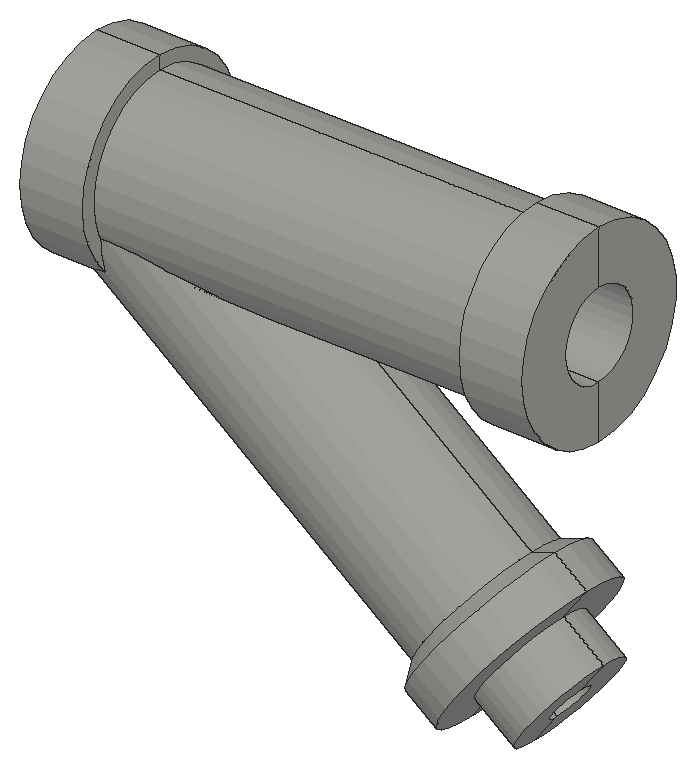
Revit family "Wye_Pattern_Strainers-Backflow_Preventor-WATTS-88CSI", category Pipe Accessories, Revit 2014
Parameters (values of type "88CSI  - 0.5"")
  Width = 1 1/8"
  Weight = "2/0.9 (LB/KG)"
  Waste Connection = no
  Warranty Information = "1 Year Limited Warranty"  # constant formula
  Vent Connection = no
  URL = "http://www.watts.com/"
  Region = "North America"  # constant formula
  Product Page URL = "http://www.watts.com/pages/_products_details.asp?pid=831"
  Product Documentation Link = "http://media.wattswater.com/es-88csi.pdf"
  Price = "Prices may vary. Please consult Manufacturer Representative for most up-to-date price list."  # constant formula
  Nominal Width = 29/32"
  Nominal Radius 2 = 19/32"
  Nominal Length 2 = 1 29/256"
  Nominal Length = 163/256"
  Nominal Height = 19/32"
  Nominal Depth = 5/16"
  NPT Radius = 1/8"
  NPT Diameter = NPT Radius * 2  # 1/4"
  Model = "77SI"  # constant formula
  Max. Working Pressure = "600psi (41.4 bar) at 489°F (254°C) WSP 1480psi (102.0 bar) at 100°F (38°C) WOG"  # constant formula
  Material = "Metal-WATTS-Class 600-Cast Steel"  # constant formula
  Manufacturer Product Line = "Strainers"  # constant formula
  Manufacturer = "WATTS"  # constant formula
  HW Connection = no
  Finish = Metal-WATTS-Class 600-Cast Steel
  Description = "Cast Iron, Wye-Pattern Strainers"  # constant formula
  Creation Date = "08/01/2018"  # constant formula
  Country = "United States"  # constant formula
  Connection Size = Connection Radius * 2  # 1/2"
  Connection Radius = 1/4"
  Connection Outlet Description = "1/2\" NPT Flanged Outlet"
  Connection Inlet Description = "1/2\" NPT Flanged Inlet"
  CW Connection = yes
  B = 2 1/4"
  Assembly Code = "F1050"
  A = 2 15/16"
Types (7): name | Width | Weight | Nominal Width | Nominal Radius 2 | Nominal Length 2 | Nominal Length | Nominal Height | Nominal Depth | NPT Radius | NPT Diameter | Connection Size | Connection Radius | Connection Outlet Description | Connection Inlet Description | B | A
  (no name) | 1 1/8" | "2/0.9 (LB/KG)" | 29/32" | 19/32" | 1 29/256" | 163/256" | 19/32" | 5/16" | 1/8" | 1/4" | 1/2" | 1/4" | "1/2\" NPT Flanged Outlet" | "1/2\" NPT Flanged Inlet" | 2 1/4" | 2 15/16"
  88CSI  - 0.5" | 1 1/8" | "2/0.9 (LB/KG)" | 29/32" | 19/32" | 1 29/256" | 163/256" | 19/32" | 5/16" | 1/8" | 1/4" | 1/2" | 1/4" | "1/2\" NPT Flanged Outlet" | "1/2\" NPT Flanged Inlet" | 2 1/4" | 2 15/16"
  88CSI  - 0.75" | 1 1/8" | "3/1.3 (LB/KG)" | 1" | 83/128" | 1 9/32" | 185/256" | 21/32" | 5/16" | 3/16" | 3/8" | 3/4" | 3/8" | "3/4\" NPT Flanged Outlet" | "3/4\" NPT Flanged Inlet" | 2 9/16" | 3 7/16"
  88CSI  - 1" | 1 3/8" | "5/2.2 (LB/KG)" | 1 1/8" | 3/4" | 1 109/256" | 211/256" | 3/4" | 3/8" | 3/16" | 3/8" | 1" | 1/2" | "1\" NPT Flanged Outlet" | "1\" NPT Flanged Inlet" | 2 13/16" | 4 9/16"
  88CSI  - 1.25" | 1 5/8" | "7/3.1 (LB/KG)" | 1 1/2" | 253/256" | 1 7/8" | 1 1/8" | 1" | 3/8" | 3/8" | 3/4" | 1 1/4" | 5/8" | "1-1/4\" NPT Flanged Outlet" | "1-1/4\" NPT Flanged Inlet" | 3 1/16" | 4 15/16"
  88CSI  - 1.5" | 2" | "10/4.5 (LB/KG)" | 1 3/4" | 1 1/8" | 2 47/256" | 1 83/256" | 1 1/8" | 1/2" | 3/8" | 3/4" | 1 1/2" | 3/4" | "1-1/2\" NPT Flanged Outlet" | "1-1/2\" NPT Flanged Inlet" | 3 5/16" | 5 9/16"
  88CSI  - 2" | 2 3/4" | "15/6.8 (LB/KG)" | 2 1/8" | 1 3/8" | 2 25/32" | 1 47/64" | 1 3/8" | 1/2" | 1/2" | 1" | 2" | 1" | "2\" NPT Flanged Outlet" | "2\" NPT Flanged Inlet" | 4 13/16" | 6 15/16"
Reference planes (in)
  plane 1 "Center (Front/Back)": y = 0
  plane 2: z = 0
  plane 3 "Center (Left/Right)": x = 0
  plane 4: x = -1.46875
  plane 5: x = 1.46875
  plane 6: z = 0.25
  plane 7: z = -0.25
  plane 8: z = 0.5625
  plane 9: z = -0.5625
  plane 10: x = 0.73438
  plane 11: x = 0.36719
  plane 12: x = 1.10156
  plane 13: x = 0.91797
  plane 14: x = -0.73437
  plane 15: x = -1.10156
  plane 16: x = -0.91797
  plane 17: z = 0.40625
  plane 18: x = -0.36719
  plane 19: z = -2.25
  plane 20: x = 0.73438
  plane 21: x = 0.36719
  plane 22: x = 1.10156
  plane 23: x = 0.55078
  plane 24: y = 0.5625
  plane 25: y = -0.5625
  plane 26: y = 0.25
  plane 27: y = -0.25
  plane 28: y = 0.40625
  plane 29: y = -0.40625
  plane 30: x = -1.59375
  plane 31: x = 1.59375
  plane 32: y = -2
  plane 33: y = -0.25
  plane 34: y = 0.25
Forms (in)
  Revolve 1, solid, material "Metal-WATTS-Class 600-Cast Steel"
    sketch origin (0, 0, 0) x (1, 0, 0) y (0, 0, 1)
      loop
        line (-1.46875, 0.25) -> (1.46875, 0.25) -> (1.46875, 0.5625) -> (1.10156, 0.5625) -> (1.10156, 0.48438) -> (-1.10156, 0.48438) -> (-1.10156, 0.5625) -> (-1.46875, 0.5625) -> (-1.46875, 0.25)
      axis (1.46875, 0) -> (-1.46875, 0)
    angle from 0 to 360
  Revolve 2, solid, material "Metal-WATTS-Class 600-Cast Steel"
    sketch origin (0, 0, 0) x (1, 0, 0) y (0, 0, 1)
      loop
        line (1.10156, -2.25) -> (1.22314, -2.08867) -> (-1.54862, 0) -> (-1.54862, -0.39129) -> (0.55078, -1.9733) -> (0.55078, -2.11165) -> (0.73438, -2.25) -> (0.86736, -2.07352) -> (1.10156, -2.25)
      axis (1.29836, -1.98884) -> (-1.47339, 0.09983)
    angle from 0 to 360
Lines and regions (in)
  Masking region 1
    outline origin (0, 0, 0) x (0, 1, 0) y (0, 0, 1)
      loop
        line (-0.45313, -0.33329) -> (-0.45313, -1.28425)
        arc (-0.45313, -1.28425) -> (0.02456, -2.24981) -> (0.45312, -1.26146) r 0.59375
        line (0.45312, -1.26146) -> (0.45312, -0.33329)
        arc (0.45312, -0.33329) -> (0, 0.5625) -> (-0.45313, -0.33329) r 0.5625
  Masking region 2, detail levels fine
    outline origin (0, 0, 0) x (1, 0, 0) y (0, 1, 0)
      loop
        line (-1.46875, 0.5625) -> (-1.46875, -0.5625) -> (-1.10156, -0.5625) -> (-1.10156, -0.48438) -> (1.10156, -0.48438) -> (1.10156, -0.5625) -> (1.46875, -0.5625) -> (1.46875, 0.5625) -> (1.10156, 0.5625) -> (1.10156, 0.48437) -> (-1.10156, 0.48437) -> (-1.10156, 0.5625) -> (-1.46875, 0.5625)
  symbolic lines, style "PlumbingFixturesHiddenLines", detail levels medium+fine
    curve 1: arc (0, 0.45313, -0.33329) -> (0, 0, -0.5625) -> (0, -0.45313, -0.33329) r 0.5625
  symbolic lines, style "PlumbingFixturesHiddenLines", detail levels fine
    curve 2: line (-1.10156, 0.48437, 0) -> (-1.10156, -0.48438, 0)
    curve 3: line (1.10156, 0.48437, 0) -> (1.10156, -0.48438, 0)
    curve 4: line (-1.07031, 0, -0.5625) -> (-1.46875, 0, -0.5625)
  model lines, detail levels coarse+medium
    curve 5: line (-1.59375, 0, 0) -> (1.59375, 0, 0)
    curve 6: line (-0.81789, 0, 0) -> (1.59375, -2, 0)
  model lines
    curve 7: line (-1.59375, 0.25, 0) -> (-1.59375, -0.25, 0)
    curve 8: line (1.59375, 0.25, 0) -> (1.59375, -0.25, 0)
Dimensions and locks (in)
  "Connection Size": plane 6 to plane 7
  "Width": plane 8 to plane 9
  equal spacing: plane 8, level, plane 9
  equal spacing: plane 5, plane 10, plane 3 "Center (Left/Right)"
  equal spacing: plane 10, plane 11, plane 3 "Center (Left/Right)"
  equal spacing: plane 5, plane 12, plane 10
  equal spacing: plane 12, plane 13, plane 10
  equal spacing: plane 3 "Center (Left/Right)", plane 14, plane 4
  equal spacing: plane 4, plane 15, plane 14
  equal spacing: plane 14, plane 16, plane 15
  equal spacing: plane 8, plane 17, plane 6
  equal spacing: plane 3 "Center (Left/Right)", plane 18, plane 14
  "A": plane 5 to plane 4
  equal spacing: plane 4, plane 3 "Center (Left/Right)", plane 5
  "B": level to plane 19
  equal spacing: plane 3 "Center (Left/Right)", plane 20, plane 5
  equal spacing: plane 20, plane 21, plane 3 "Center (Left/Right)"
  equal spacing: plane 6, level, plane 7
  equal spacing: plane 5, plane 22, plane 20
  equal spacing: plane 20, plane 23, plane 21
  "NPT Radius": Revolve 2 sketch curve to Revolve 2 sketch curve
  equal spacing: Revolve 2 sketch curve, Revolve 2 sketch curve, Revolve 2 sketch curve
  "Nominal Depth": Revolve 2 sketch curve to Revolve 2 sketch curve
  equal spacing: plane 8, Revolve 1 sketch curve, plane 17
  "Nominal Width": Masking region 1 sketch curve to Masking region 1 sketch curve
  equal spacing: Masking region 1 sketch curve, plane 1 "Center (Front/Back)", Masking region 1 sketch curve
  "Nominal Height": plane 19 to Masking region 1 sketch curve
  "Width": plane 24 to plane 25
  equal spacing: plane 24, plane 1 "Center (Front/Back)", plane 25
  "Connection Size": plane 26 to plane 27
  equal spacing: plane 26, plane 1 "Center (Front/Back)", plane 27
  equal spacing: plane 24, plane 28, plane 26
  equal spacing: plane 25, plane 29, plane 27
  equal spacing: plane 24, Masking region 2 sketch curve, plane 28
  equal spacing: plane 25, Masking region 2 sketch curve, plane 29
  locked: plane 30 to curve 6 at 0.77586
  "Nominal Radius 2": radius of Masking region 1 sketch curve
  locked: Revolve 2 sketch curve to level (angle 37.00°)
  aligned and locked: plane 6 to Revolve 1 sketch curve
  aligned and locked: plane 4 to Revolve 1 sketch curve
  aligned and locked: plane 5 to Revolve 1 sketch curve
  aligned and locked: plane 8 to Revolve 1 sketch curve
  aligned and locked: Revolve 1 sketch curve to plane 8
  aligned and locked: Revolve 1 sketch curve to plane 15
  aligned and locked: plane 12 to Revolve 1 sketch curve
  aligned and locked: plane 19 to Revolve 2 sketch curve  (x2)
  aligned and locked: Revolve 2 sketch curve to plane 23
  aligned and locked: level to Revolve 2 sketch curve
  aligned and locked: Masking region 1 sketch curve to Revolve 1
  aligned and locked: curve 1 to Revolve 1
  aligned and locked: Masking region 1 to curve 1
  aligned and locked: curve 1 to Masking region 1
  aligned and locked: Masking region 2 sketch curve to Masking region 2 sketch curve  (x4)
  aligned and locked: plane 4 to Masking region 2 sketch curve
  aligned and locked: Masking region 2 sketch curve to plane 25
  aligned and locked: plane 5 to Masking region 2 sketch curve
  aligned and locked: Masking region 2 sketch curve to plane 24
  aligned and locked: Masking region 2 sketch curve to Revolve 1  (x2)
  aligned and locked: curve 2 to Revolve 1
  aligned and locked: Revolve 1 to curve 3
  aligned and locked: curve 3 to Masking region 2
  aligned and locked: Masking region 2 to curve 3
  aligned and locked: curve 2 to Masking region 2
  aligned and locked: Masking region 2 to curve 2
  aligned and locked: Revolve 1 to curve 4
  aligned and locked: plane 30 to curve 5
  aligned and locked: plane 31 to curve 5
  aligned and locked: plane 32 to curve 6
  aligned and locked: plane 31 to curve 6
  aligned and locked: plane 34 to curve 7
  aligned and locked: plane 33 to curve 7
  aligned and locked: curve 7 to plane 30
  aligned and locked: plane 34 to curve 8
  aligned and locked: plane 33 to curve 8
Automatic sketch dimensions
  plane 20 to Revolve 2 sketch curve = 0"
  plane 22 to Revolve 2 sketch curve = 0"
  level to Revolve 2 sketch curve = 0.36928"
  Masking region 1 sketch curve to plane 1 "Center (Front/Back)" = 0.00964"
  Revolve 1 sketch curve to level = 0"
  Revolve 1 sketch curve to plane 4 = 1.33449"
  Revolve 1 sketch curve to plane 5 = 2.72801"
  plane 1 "Center (Front/Back)" to curve 6 = 0"
  curve 4 to plane 9 = 0"
  curve 4 to curve 4 = 51/128"
Connectors (in)
  piping at (1.46875, 0, 0), diameter 0.5, driven by "Connection Radius", driven by "Connection Outlet Description"
    settings: on Revolve 1, index 1, connector inside diameter 1/4", connector length 0", flow factor 0, pipe flow 0 GPM, pressure drop 0.00 psi, fitting loss kfactor 0, connector angle 0.00°, fixture units 0, engagement length 0", angle of deflection 0.00°, flow configuration 0, flow direction 2, fitting loss method 0, system type 29, joint type 0, gender type 0, connector reference index 2, connector utility 0, adjustable connector no, is connector primary no, connector description "1/2\" NPT Flanged Outlet"
  piping at (-1.46875, 0, 0), diameter 0.5, driven by "Connection Radius", driven by "Connection Inlet Description"
    settings: on Revolve 1, index 2, connector inside diameter 1/4", connector length 0", flow factor 0, pipe flow 0 GPM, pressure drop 0.00 psi, fitting loss kfactor 0, connector angle 0.00°, fixture units 0, engagement length 0", angle of deflection 0.00°, flow configuration 0, flow direction 1, fitting loss method 0, system type 29, joint type 0, gender type 0, connector reference index 1, connector utility 0, adjustable connector no, is connector primary yes, connector description "1/2\" NPT Flanged Inlet"
